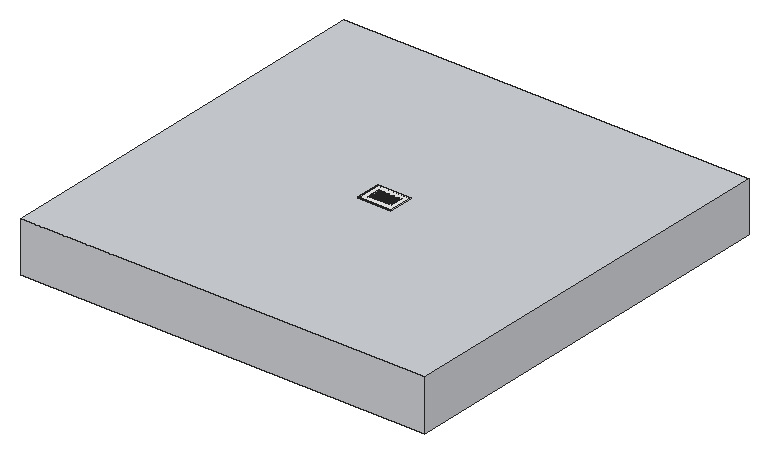
Revit family
Parameters (values of type "T50")
  Version = 2
  Product Page URL = "http://www.tuttleandbailey.com/site/site/ecatalog.aspx?model=107f74c8-aba3-428b-8dd7-714739118c83"
  Overall Width [instance] = Duct Inlet Width + 0' 1 3/4"  # 0' - 7 3/4"
  Overall Height [instance] = Duct Inlet Height + 0' 1 3/4"  # 0' - 5 3/4"
  Overall Depth = 0' - 1 1/4"  # constant formula
  Location [instance] = ""
  Frame Void Offset = if(Blade Spacing = 0' 0 1/2", 0' 1 1/4", 0' 1 3/16")  # 1 3/16"
  Duct Inlet Width [instance] = if(Inlet Width < Minimum Inlet Width, Minimum Inlet Width, if(Inlet Width > Maximum Inlet Width, Maximum Inlet Width, Inlet Width))  # 6"
  Duct Inlet Height [instance] = if(Inlet Height < Minimum Inlet Height, Minimum Inlet Height, if(Inlet Height > Maximum Inlet Height, Maximum Inlet Height, Inlet Height))  # 4"
  Inlet Width [instance] = 6"
  Inlet Velocity [instance] = Design Supply Air Flow / (Inlet Width * Inlet Height)  # 0 FPM
  Inlet Height [instance] = 4"
  Velocity Pressure [instance] = 0.00 in-wg
  Top Horizontal Blade Array [instance] = if(Duct Inlet Height = 0' 6", Number of Horizontal Blades / 2, if(Duct Inlet Height = 1' 0", Number of Horizontal Blades / 2, if(Duct Inlet Height = 1' 6", Number of Horizontal Blades / 2, if(Duct Inlet Height = 2' 0", Number of Horizontal Blades / 2, if(Duct Inlet Height = 2' 6", Number of Horizontal Blades / 2, (Number of Horizontal Blades / 2) - 1)))))  # 2
  Opening Width [instance] = Overall Width - (Frame Width * 2)  # 5 1/4"
  Opening Height [instance] = Overall Height - (Frame Width * 2)  # 3 1/4"
  Number of Horizontal Blades [instance] = (Opening Height / Blade Spacing) + 1  # 5
  URL = "http://www.tuttleandbailey.com"
  Type Comments = ""
  Total Static Pressure [instance] = 0.00 in-wg
  Throw [instance] = ""
  Supply Air Pressure Drop [instance] = 0.00 in-wg
  Series = "Tri-Flex"  # constant formula
  Minimum Inlet Width = 0' 6"  # 6"
  Minimum Inlet Height = 0' 4"  # 4"
  Maximum Inlet Width = 12' 0"  # 144"
  Maximum Inlet Height = 8' 0"  # 96"
  Material = Steel - Tuttle & Bailey - White
  Noise Criteria (dB) [instance] = 0
  Model = "T50-SF-WH"
  Min Flow = 0 CFM
  Max Flow = 0 CFM
  Manufacturer Complete Model Number [instance] = ""
  Manufacturer = "Tuttle & Bailey"  # constant formula
  Horizonal Blade Offset [instance] = if(Bottom Horizontal Blade Array = Top Horizontal Blade Array, 0' 0", Blade Spacing / 2)  # 3/8"
  Grille Depth = Overall Depth - (Frame Thickness)  # 1"
  Frame Width = 1 1/4"
  Frame Thickness = 1/4"
  Design Supply Air Flow [instance] = 0 CFM
  Description = "Single Deflection Adjustable Supply Grille"
  Default Elevation = 8' - 0"
  Bottom Horizontal Blade Array [instance] = if(Duct Inlet Height = 1' 2", ((Number of Horizontal Blades / 2) - 1), if(Duct Inlet Height = 1' 8", ((Number of Horizontal Blades / 2) - 1), if(Duct Inlet Height = 2' 2", ((Number of Horizontal Blades / 2) - 1), if(Duct Inlet Height = 2' 8", ((Number of Horizontal Blades / 2) - 1), if(Duct Inlet Height = 3' 2", ((Number of Horizontal Blades / 2) - 1), if(Duct Inlet Height = 3' 8", ((Number of Horizontal Blades / 2) - 1), Number of Horizontal Blades / 2))))))  # 3
  Border Type = "Surface Mount"
  Blade Spacing = 3/4"
  Blade Deflection [instance] = 0.00°
  Grille Size Available [instance] = if(Inlet Width < Minimum Inlet Width, "Not Available", if(Inlet Width > Maximum Inlet Width, "Not Available", if(Inlet Height < Minimum Inlet Height, "Not Available", if(Inlet Height > Maximum Inlet Height, "Not Available", if(Inlet Width > 4' 0", "Multiple Sections", if(Inlet Height > 4' 0", "Multiple Sections", "Yes"))))))  # "Yes"
  Blade Thickness = if(Blade Spacing = 0' 0 1/2", 0' 0 3/32", 0' 0 1/32")  # 1/32"
  Assembly Code = "D3040100"
  Arrow [instance] = yes
Types (3): name | Product Page URL | Frame Void Offset | Top Horizontal Blade Array | Number of Horizontal Blades | Material | Model | Horizonal Blade Offset | Description | Bottom Horizontal Blade Array | Blade Spacing | Blade Thickness
  T50 | "http://www.tuttleandbailey.com/site/site/ecatalog.aspx?model=107f74c8-aba3-428b-8dd7-714739118c83" | 1 3/16" | 2 | 5 | Steel - Tuttle & Bailey - White | "T50-SF-WH" | 3/8" | "Single Deflection Adjustable Supply Grille" | 3 | 3/4" | 1/32"
  A50 | "http://www.tuttleandbailey.com/site/site/ecatalog.aspx?model=f51e052e-6335-4e94-a653-8c0ae2280e76" | 1 3/16" | 2 | 5 | Aluminum - Tuttle & Bailey - White | "A50-SF-WH" | 3/8" | "Single Deflection Adjustable Supply Grille" | 3 | 3/4" | 1/32"
  T125H | "http://www.tuttleandbailey.com/site/site/ecatalog.aspx?model=8d2ea0a0-e2f7-4083-87b3-73213874d799" | 1 1/4" | 3 | 8 | Steel - Tuttle & Bailey - White | "T125H-SF-WH" | 1/4" | "Single Deflection Adjustable Heavy Duty Supply Grille" | 4 | 1/2" | 3/32"
Reference planes (in)
  plane 1 "Center (Front/Back)": y = 0
  plane 2 ".": z = 0
  plane 3 "Center (Left/Right)": x = 0
  plane 4: z = 0.25
  plane 5: z = -1
  plane 6: x = 3.875
  plane 7: x = -3.875
  plane 8: y = 2.875
  plane 9: y = -2.875
  plane 10: z = 3.3125
  plane 11: x = 1.5
  plane 12: x = -1.5
  plane 13: z = 23.3125
  plane 14: z = 15.3125
  plane 15: y = 0.375
Forms (in)
  Extrusion 1, solid
    sketch origin (0, 0, 0) x (1, 0, 0) y (0, 1, 0)
      loop
        line (-48, 48) -> (-48, -48) -> (48, -48) -> (48, 48) -> (-48, 48)
    from 0 to -12
  Sweep 2, solid, material "Steel - Tuttle & Bailey - White" <- "Material"
    path origin (0, 0, 0.1875) x (1, 0, 0) y (0, 1, 0)
      loop
        line (-3.875, 2.875) -> (-3.875, -2.875) -> (3.875, -2.875) -> (3.875, 2.875) -> (-3.875, 2.875)
    profile origin (0, 2.875, 0.1875) x (0, 1, 0) y (0, 0, 1)
      loop
        line (-0.0625, -0.1875) -> (0, -0.1875) -> (0, 0.0625) -> (-1.25, 0.0625) -> (-1.25, -1.1875) -> (-1.125, -1.1875) -> (-1.125, 0) -> (-0.0625, 0) -> (-0.0625, -0.1875)
  Sweep 3, void
    path origin (0, 0, 0) x (1, 0, 0) y (0, 1, 0)
      loop
        line (-3.875, 2.875) -> (-3.875, -2.875) -> (3.875, -2.875) -> (3.875, 2.875) -> (-3.875, 2.875)
    profile origin (0, 2.875, 0) x (0, 1, 0) y (0, 0, 1)
      loop
        line (-1.1875, 0.1875) -> (-1.1875, -1) -> (-1.125, -1) -> (-1.125, 0.1875) -> (-1.1875, 0.1875)
Cuts and joins
  Sweep 3 cuts Sweep 2
Lines and regions (in)
  model lines, visible <- "Arrow"
    curve 1: line (0, 0, 3.3125) -> (0, 0, 15.3125)
    curve 7: line (-1.5, 0, 15.3125) -> (0, 0, 23.3125)
    curve 8: line (0, 0, 23.3125) -> (1.5, 0, 15.3125)
    curve 9: line (1.5, 0, 15.3125) -> (-1.5, 0, 15.3125)
  symbolic lines, detail levels coarse+medium
    curve 2: line (-3, 0, 0.25) -> (3, 0, 0.25)
  symbolic lines
    curve 3: line (-3.875, 0, 0) -> (3.875, 0, 0)
  symbolic lines, detail levels fine
    curve 4: line (-3.875, 0, 0.25) -> (-3.875, 0, 0)
    curve 5: line (3.875, 0, 0.25) -> (-3.875, 0, 0.25)
    curve 6: line (3.875, 0, 0) -> (3.875, 0, 0.25)
Dimensions and locks (in)
  locked: Sweep 2 sketch curve to Sweep 2 sketch curve at 0.0625
  locked: Sweep 2 sketch curve to Sweep 2 sketch curve at 0.125
  "Overall Width": Sweep 2 sketch curve to Sweep 2 sketch curve
  equal spacing: Sweep 2 sketch curve, plane 3 "Center (Left/Right)", Sweep 2 sketch curve
  "Overall Height": Sweep 2 sketch curve to Sweep 2 sketch curve
  equal spacing: Sweep 2 sketch curve, plane 1 "Center (Front/Back)", Sweep 2 sketch curve
  "Overall Width": plane 7 to plane 6
  equal spacing: plane 7, plane 3 "Center (Left/Right)", plane 6
  "Overall Height": plane 8 to plane 9
  equal spacing: plane 8, plane 1 "Center (Front/Back)", plane 9
  "Frame Width": Sweep 2 sketch curve to plane 8
  locked: Sweep 2 sketch curve to plane 4 at 0.0625
  group 1 to group 2 = 0' - 0"  (x2)
  group 1 to group 2 = 0' - 0 3/4"
  equal spacing: group 1, group 3, group 4  (x2)
  equal spacing: group 4, group 3, group 1
  "Blade Spacing": nested 1 to nested 2
  "Blade Spacing": nested 3 to nested 1
  "Horizonal Blade Offset": plane 1 "Center (Front/Back)" to plane 15
  equal spacing: curve 2, plane 3 "Center (Left/Right)", curve 2
  "Duct Inlet Width": curve 2 to curve 2
  "Grille Depth": plane 2 "." to plane 5
  "Frame Thickness": plane 4 to plane 2 "."
  plane 4 to Sweep 2 sketch curve = 0' - 0 1/16"
  "Grille Depth": plane 2 "." to Sweep 2 sketch curve
  plane 13 to plane 14 to plane 10 to plane 4 = 0' - 8" locked, 1' - 0" locked, 0' - 3 1/16" locked
  equal spacing: plane 12, plane 3 "Center (Left/Right)", plane 11, locked at 1.5 each
  locked: Sweep 3 sketch curve to Sweep 3 sketch curve at 0.0625
  "Frame Void Offset": Sweep 3 sketch curve to plane 8
  aligned and locked: plane 2 "." to Extrusion 1
  aligned and locked: level to Extrusion 1
  aligned and locked: plane 4 to Sweep 2  (x2)
  aligned and locked: plane 8 to Sweep 2
  aligned and locked: Sweep 2 to plane 9
  aligned and locked: level to plane 2 "."
  aligned and locked: nested 1 to Sweep 2  (x3)
  aligned and locked: nested 2 to Sweep 2  (x3)
  aligned and locked: nested 3 to Sweep 2  (x3)
  aligned and locked: nested 4 to Sweep 2
  aligned and locked: Sweep 2 to nested 1  (x5)
  aligned and locked: nested 1 to plane 15
  aligned and locked: curve 3 to Sweep 2
  aligned and locked: plane 7 to curve 3
  aligned and locked: plane 3 "Center (Left/Right)" to curve 1
  aligned and locked: Sweep 2 sketch curve to plane 2 "."
  aligned and locked: plane 4 to Sweep 2 sketch curve
  aligned and locked: curve 2 to plane 4
  aligned and locked: curve 6 to Sweep 2  (x2)
  aligned and locked: plane 6 to curve 5
  aligned and locked: curve 5 to Sweep 2
  aligned and locked: plane 4 to curve 4
  aligned and locked: Sweep 2 to curve 6
  aligned and locked: plane 14 to curve 1
  aligned and locked: curve 9 to plane 14
  aligned and locked: plane 13 to curve 7
  aligned and locked: plane 11 to curve 9
  aligned and locked: plane 12 to curve 9
  aligned and locked: plane 10 to curve 1
  aligned and locked: Sweep 2 to nested 3  (x2)
  aligned and locked: Sweep 2 to nested 2  (x2)
  aligned and locked: Sweep 2 to Sweep 3 sketch curve  (x2)
  aligned and locked: Sweep 3 sketch curve to Sweep 2  (x3)
  aligned and locked: Sweep 3 sketch curve to plane 5
Automatic sketch dimensions
  Extrusion 1 sketch curve to Extrusion 1 sketch curve = 8' - 0"  (x2)
  curve 8 to plane 3 "Center (Left/Right)" = 0' - 0"
  Sweep 2 sketch curve to profile plane = 0' - 0"
Nested families (in)
  nested 1: "Tuttle_and_Baiely-Louver-Horizontal" at (0, 0.375, 0.1875), type "Tuttle_and_Baiely-Louver-Horizontal", detail levels fine
  nested 2: "Tuttle_and_Baiely-Louver-Horizontal" at (0, 1.125, 0.1875), type "Tuttle_and_Baiely-Louver-Horizontal", detail levels fine
  nested 3: "Tuttle_and_Baiely-Louver-Horizontal" at (0, -0.375, 0.1875), type "Tuttle_and_Baiely-Louver-Horizontal", detail levels fine
  nested 4: "Tuttle_and_Baiely-Louver-Horizontal" at (0, -1.125, 0.1875), type "Tuttle_and_Baiely-Louver-Horizontal", detail levels fine
Connectors (in)
  hvac at (0, 0, 0), driven by "Supply Air Pressure Drop", driven by "Design Supply Air Flow", driven by "Inlet Height", driven by "Inlet Width"
    settings: on Sweep 2, index 1, duct flow 0 CFM, flow factor 0, pres drop 0.00 in-wg, loss coef 0, conn angle 0.00°, conn width 6", conn height 4", conn radius 12", duct sys type 1, conn prof type 1, flow config 1, flow direction 1, loss method 4, conn ref index -1, conn util no, is conn primary yes, conn desc "Supply Air Inlet Connection"
Definition of nested family "Tuttle_and_Baiely-Louver-Horizontal"
  Parameters (values of type "Tuttle_and_Baiely-Louver-Horizontal")
    URL = "http://www.tuttleandbailey.com"
    Nominal Inlet Width = 5 1/4"
    Nominal Inlet Height = 5 1/4"
    Nominal Depth = 0' - 0 5/8"
    Model = "T50-SF-WH"
    Material = Steel - Tuttle & Bailey - White
    Manufacturer = "Tuttle & Bailey"
    Description = "Single Deflection Adjustable Supply Grille"
    CADworks URL = "http://www.CADworks.net"
    Blade Thickness = 0' - 0 1/32"
    Assembly Code = "D3040100"
  Reference planes (in)
    plane 1 "Center (Front/Back)": y = 0
    plane 2: z = 0
    plane 3 "Center (Left/Right)": x = 0
    plane 4: z = -0.625
    plane 5: x = -2.625
    plane 6: x = 2.625
  Forms (in)
    Extrusion 1, solid, material "Steel - Tuttle & Bailey - White" <- "Material"
      sketch origin (0, 0, 0) x (0, 1, 0) y (0, 0, 1)
        loop
          line (-0.01563, -0.625) -> (0.01562, -0.625) -> (0.04116, -0.04208)
          arc (0.04116, -0.04208) -> (0, 0) -> (-0.04116, -0.04208) r 0.04117
          line (-0.04116, -0.04208) -> (-0.01563, -0.625)
      from -2.625 to 2.625
  Dimensions and locks (in)
    locked: plane 2 to Extrusion 1 sketch curve at 0
    "Nominal Depth": plane 2 to plane 4
    equal spacing: plane 6, plane 3 "Center (Left/Right)", plane 5
    "Nominal Inlet Width": plane 6 to plane 5
    equal spacing: Extrusion 1 sketch curve, plane 1 "Center (Front/Back)", Extrusion 1 sketch curve
    "Blade Thickness": Extrusion 1 sketch curve to Extrusion 1 sketch curve
    Extrusion 1 sketch curve to Extrusion 1 sketch curve = 0' - 0.08233"
    aligned and locked: plane 4 to Extrusion 1 sketch curve
    aligned and locked: Extrusion 1 to plane 5
    aligned and locked: Extrusion 1 to plane 6
  Automatic sketch dimensions
    Extrusion 1 sketch curve to plane 1 "Center (Front/Back)" = 0' - 0"
    plane 1 "Center (Front/Back)" to Extrusion 1 sketch curve = 0' - 0.04116"
    Extrusion 1 sketch curve to level = 0' - 0.04208"
    Extrusion 1 sketch curve to Extrusion 1 sketch curve = 0' - 0.0009"
